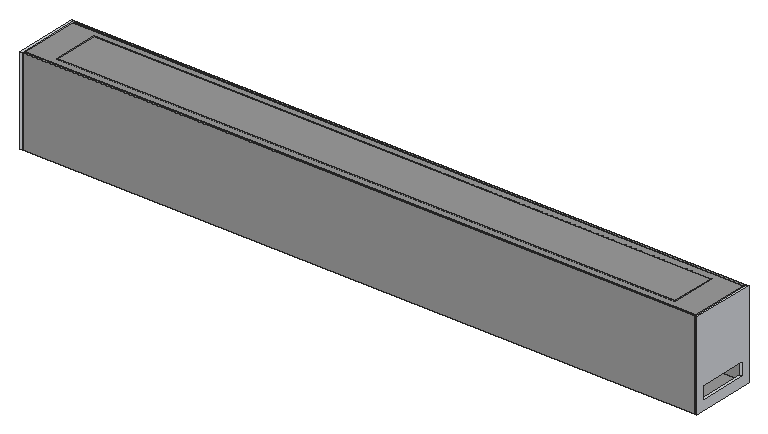
Revit family "FRC_lamp_cassaforma", category Generic Models, Revit 2013
Parameters
  vetro temperato = Glass, Clear Glazing
  spessore = 1.5 mm
  materiale = Stainless Steel AISI 304
  larghezza = 47.5 mm
  Lunghezza = 500.0 mm
Reference planes
  plane 1 "Center (Front/Back)": y = 0
  plane 2: z = 0
  plane 3 "Center (Left/Right)": x = 0
  plane 4: x = 500
  plane 5: y = 47.5
  plane 6: z = 65
  plane 7: z = 25.5
  plane 8: x = 502
  plane 9: y = 46
  plane 10: y = 1.5
  plane 11: y = 23.75
Forms (mm)
  Extrusion 1, solid, material "Stainless Steel AISI 304" <- "materiale"
    sketch origin (0, 0, 0) x (0, 1, 0) y (0, 0, 1)
      loop
        line (47.5, 65) -> (46, 65) -> (46, 25.5) -> (42, 25.5) -> (42, 16.769) -> (43, 16.769) -> (43, 24.5) -> (45, 24.5) -> (45, 2) -> (2.5, 2) -> (2.5, 24.5) -> (4.5, 24.5) -> (4.5, 16.769) -> (5.5, 16.769) -> (5.5, 25.5) -> (1.5, 25.5) -> (1.5, 65) -> (0, 65) -> (0, 0) -> (47.5, 0) -> (47.5, 65)
    from 0 to 500
  Extrusion 2, solid
    sketch origin (0, 0, 0) x (0, 1, 0) y (0, 0, 1)
      loop
        line (47.5, 65) -> (0, 65) -> (0, 0) -> (47.5, 0) -> (47.5, 65)
      loop
        line (42.5, 16.769) -> (5, 16.769) -> (5, 6.769) -> (42.5, 6.769) -> (42.5, 16.769)
    from 500 to 502
  Extrusion 3, solid
    sketch origin (500, 0, 0) x (0, 1, 0) y (0, 0, -1)
      loop
        line (47.5, -65) -> (47.5, 0) -> (0, 0) -> (0, -65) -> (47.5, -65)
      loop
        line (42.5, -16.769) -> (42.5, -6.769) -> (5, -6.769) -> (5, -16.769) -> (42.5, -16.769)
    from 500 to 502
  Extrusion 4, solid, material "Glass, Clear Glazing" <- "vetro temperato"
    sketch origin (0, 0, 1.085) x (0, 1, 0) y (0, 0, 1)
      loop
        line (41, 63.915) -> (6.5, 63.915) -> (6.5, 61.915) -> (41, 61.915) -> (41, 63.915)
    from 20 to 480
Dimensions and locks
  plane 6 to level = 65.0 mm
  plane 5 to plane 1 "Center (Front/Back)" = 47.5 mm
  plane 6 to plane 7 = 39.5 mm
  "Lunghezza": plane 3 "Center (Left/Right)" to plane 4
  "larghezza": plane 5 to plane 1 "Center (Front/Back)"
  "spessore": plane 5 to plane 9
  "spessore": plane 10 to plane 1 "Center (Front/Back)"
  aligned and locked: level to plane 2
  aligned and locked: plane 6 to Extrusion 1 sketch curve
  aligned and locked: Extrusion 1 sketch curve to plane 6
  aligned and locked: plane 4 to Extrusion 1
  aligned and locked: plane 8 to Extrusion 2
  aligned and locked: plane 3 "Center (Left/Right)" to Extrusion 3
  aligned and locked: Extrusion 1 to plane 10
  aligned and locked: plane 9 to Extrusion 1
Automatic sketch dimensions
  Extrusion 1 sketch curve to plane 1 "Center (Front/Back)" = 0.0 mm
  Extrusion 1 sketch curve to plane 7 = 0.0 mm  (x2)
  Extrusion 1 sketch curve to level = 0.0 mm
  Extrusion 1 sketch curve to plane 5 = 0.0 mm
  level to Extrusion 1 sketch curve = 2.0 mm
  Extrusion 1 sketch curve to plane 1 "Center (Front/Back)" = 1.5 mm
  Extrusion 1 sketch curve to Extrusion 1 sketch curve = 1.0 mm  (x4)
  Extrusion 1 sketch curve to plane 7 = 1.0 mm  (x2)
  Extrusion 1 sketch curve to Extrusion 1 sketch curve = 2.0 mm  (x2)
  Extrusion 1 sketch curve to plane 5 = 5.5 mm
  Extrusion 1 sketch curve to Extrusion 1 sketch curve = 7.731 mm
  Extrusion 1 sketch curve to Extrusion 1 sketch curve = 8.731 mm
  Extrusion 2 sketch curve to plane 1 "Center (Front/Back)" = 0.0 mm
  Extrusion 2 sketch curve to plane 5 = 0.0 mm
  Extrusion 2 sketch curve to level = 0.0 mm
  Extrusion 2 sketch curve to plane 6 = 0.0 mm
  Extrusion 2 sketch curve to plane 1 "Center (Front/Back)" = 5.0 mm
  Extrusion 2 sketch curve to plane 5 = 5.0 mm
  level to Extrusion 2 sketch curve = 6.769 mm
  Extrusion 2 sketch curve to plane 7 = 8.731 mm
  Extrusion 3 sketch curve to plane 1 "Center (Front/Back)" = 0.0 mm
  Extrusion 3 sketch curve to plane 5 = 0.0 mm
  Extrusion 3 sketch curve to plane 6 = 0.0 mm
  Extrusion 3 sketch curve to level = 0.0 mm
  Extrusion 3 sketch curve to plane 1 "Center (Front/Back)" = 5.0 mm
  Extrusion 3 sketch curve to plane 5 = 5.0 mm
  Extrusion 3 sketch curve to plane 7 = 8.731 mm
  level to Extrusion 3 sketch curve = 6.769 mm
  Extrusion 4 sketch curve to plane 6 = 0.0 mm
  Extrusion 4 sketch curve to plane 10 = 5.0 mm
  Extrusion 4 sketch curve to plane 6 = 2.0 mm
  plane 9 to Extrusion 4 sketch curve = 5.0 mm
Nested families
  nested 1: "FRC_lamp_profilo" at (0, 46, 25.5), type "FRC_lamp_profilo"
  nested 2: "FRC_lamp_LED" at (20, 11.5, 30.5), type "FRC_lamp_LED"
  nested 3: "FRC_lamp_LED" at (250, 11.5, 30.5), type "FRC_lamp_LED"
Definition of nested family "FRC_lamp_profilo"
  Parameters (values of type "FRC_lamp_profilo")
    larghezza = 44.5 mm
    bordi = 5.0 mm
    Materiale_Alluminio = Aluminum, Anodized Silver
    Lunghezza = 500.0 mm
  Reference planes
    plane 1 "Center (Front/Back)": y = 0
    plane 2: z = 0
    plane 3 "Center (Left/Right)": x = 0
    plane 4: x = 500
    plane 5: y = -44.5
    plane 6: z = 39.5
    plane 7: z = 5
    plane 8: z = 29.5
    plane 9: y = -5
    plane 10: y = -39.5
    plane 11: x = 20
    plane 12: x = 480
    plane 13: z = 10
  Forms (mm)
    Extrusion 1, solid, material "Aluminum, Anodized Silver" <- "Materiale_Alluminio"
      sketch origin (0, 0, 0) x (1, 0, 0) y (0, 1, 0)
        loop
          line (0, 0) -> (0, -44.5) -> (500, -44.5) -> (500, 0) -> (0, 0)
        loop
          line (480, -34.5) -> (480, -10) -> (20, -10) -> (20, -34.5) -> (480, -34.5)
      from 0 to 39.5
    Extrusion 2, void
      sketch origin (0, 0, 0) x (0, 1, 0) y (0, 0, 1)
        loop
          line (-5, 39.5) -> (-39.5, 39.5) -> (-39.5, 29.5) -> (-34.5, 29.5) -> (-34.5, 5) -> (-10, 5) -> (-10, 29.5) -> (-5, 29.5) -> (-5, 39.5)
      from 20 to 480
    Extrusion 3, solid, material "Aluminum, Anodized Silver" <- "Materiale_Alluminio"
      sketch origin (0, 0, 0) x (0, 1, 0) y (0, 0, 1)
        loop
          line (-10, 5) -> (-34.5, 5) -> (-34.5, 0) -> (-10, 0) -> (-10, 5)
      from 0 to 500
  Cuts and joins
    Extrusion 2 cuts Extrusion 1
    Extrusion 2 cuts Extrusion 3
    joined: Extrusion 1, Extrusion 3
  Dimensions and locks
    plane 1 "Center (Front/Back)" to plane 5 = 44.5 mm
    plane 6 to level = 39.5 mm
    "Lunghezza": plane 3 "Center (Left/Right)" to plane 4
    "larghezza": plane 5 to plane 1 "Center (Front/Back)"
    "bordi": plane 9 to plane 1 "Center (Front/Back)"
    "bordi": plane 5 to plane 10
    aligned and locked: level to plane 2
    aligned and locked: plane 3 "Center (Left/Right)" to Extrusion 1 sketch curve
    aligned and locked: Extrusion 1 sketch curve to plane 4
    aligned and locked: plane 6 to Extrusion 1
    aligned and locked: plane 11 to cut or joined group of Extrusion 1, Extrusion 2, Extrusion 3
    aligned and locked: plane 12 to cut or joined group of Extrusion 1, Extrusion 2, Extrusion 3
    aligned and locked: Extrusion 3 sketch curve to cut or joined group of Extrusion 1, Extrusion 2, Extrusion 3  (x2)
  Automatic sketch dimensions
    Extrusion 1 sketch curve to plane 11 = 0.0 mm
    Extrusion 1 sketch curve to plane 12 = 0.0 mm
    plane 5 to Extrusion 1 sketch curve = 0.0 mm
    plane 1 "Center (Front/Back)" to Extrusion 1 sketch curve = 0.0 mm
    Extrusion 1 sketch curve to plane 10 = 5.0 mm
    plane 9 to Extrusion 1 sketch curve = 5.0 mm
    Extrusion 2 sketch curve to plane 8 = 0.0 mm  (x2)
    Extrusion 2 sketch curve to plane 10 = 0.0 mm
    Extrusion 2 sketch curve to plane 7 = 0.0 mm
    Extrusion 2 sketch curve to plane 9 = 0.0 mm
    Extrusion 2 sketch curve to plane 6 = 0.0 mm
    Extrusion 2 sketch curve to plane 10 = 5.0 mm
    Extrusion 2 sketch curve to Extrusion 2 sketch curve = 5.0 mm
    Extrusion 3 sketch curve to level = 0.0 mm
    Extrusion 3 sketch curve to plane 7 = 0.0 mm
Definition of nested family "FRC_lamp_LED"
  Parameters (values of type "FRC_lamp_LED")
    Materiale piastrina = Stainless Steel AISI 304
    Materiale luci = Steel, Paint Finish, Ivory, Matte
    Lunghezza = 230.0 mm
  Reference planes
    plane 1 "Center (Front/Back)": y = 0
    plane 2: z = 0
    plane 3 "Center (Left/Right)": x = 0
    plane 4: x = 230
    plane 5: y = 24.5
    plane 6: z = 5
    plane 7: x = 32.857
    plane 8: x = 65.714
    plane 9: x = 98.571
    plane 10: x = 131.429
    plane 11: x = 164.286
    plane 12: x = 197.143
    plane 13: y = 12.25
    plane 14: z = 10
    plane 15: x = 32.857
    plane 16: x = 65.714
    plane 17: x = 98.571
    plane 18: x = 131.429
    plane 19: x = 164.286
    plane 20: x = 197.143
    plane 21: y = 12.25
    plane 22: z = -5
  Forms (mm)
    Extrusion 1, solid, material "Stainless Steel AISI 304" <- "Materiale piastrina"
      sketch origin (0, 0, 0) x (1, 0, 0) y (0, 1, 0)
        loop
          line (0, 24.5) -> (0, 0) -> (230, 0) -> (230, 24.5) -> (0, 24.5)
      from 0 to 5
    Extrusion 2, solid, material "Steel, Paint Finish, Ivory, Matte" <- "Materiale luci", not visible
      sketch origin (0, 0, 0) x (1, 0, 0) y (0, 1, 0)
        loop
          circle (32.857, 12.25) r 8
        loop
          circle (32.857, 12.25) r 2
      from 5 to 10
    Extrusion 3, solid, material "Steel, Paint Finish, Ivory, Matte" <- "Materiale luci", not visible
      sketch origin (32.857, 0, 0) x (1, 0, 0) y (0, 1, 0)
        loop
          circle (32.857, 12.25) r 8
        loop
          circle (32.857, 12.25) r 2
      from 5 to 10
    Extrusion 4, solid, material "Steel, Paint Finish, Ivory, Matte" <- "Materiale luci", not visible
      sketch origin (65.714, 0, 0) x (1, 0, 0) y (0, 1, 0)
        loop
          circle (32.857, 12.25) r 8
        loop
          circle (32.857, 12.25) r 2
      from 5 to 10
    Extrusion 5, solid, material "Steel, Paint Finish, Ivory, Matte" <- "Materiale luci", not visible
      sketch origin (98.571, 0, 0) x (1, 0, 0) y (0, 1, 0)
        loop
          circle (32.857, 12.25) r 8
        loop
          circle (32.857, 12.25) r 2
      from 5 to 10
    Extrusion 6, solid, material "Steel, Paint Finish, Ivory, Matte" <- "Materiale luci", not visible
      sketch origin (131.429, 0, 0) x (1, 0, 0) y (0, 1, 0)
        loop
          circle (32.857, 12.25) r 8
        loop
          circle (32.857, 12.25) r 2
      from 5 to 10
    Extrusion 7, solid, material "Steel, Paint Finish, Ivory, Matte" <- "Materiale luci", not visible
      sketch origin (164.286, 0, 0) x (1, 0, 0) y (0, 1, 0)
        loop
          circle (32.857, 12.25) r 8
        loop
          circle (32.857, 12.25) r 2
      from 5 to 10
    Extrusion 8, solid, material "Steel, Paint Finish, Ivory, Matte" <- "Materiale luci"
      sketch origin (0, 0, 0) x (1, 0, 0) y (0, 1, 0)
        loop
          circle (32.857, 12.25) r 8
        loop
          circle (32.857, 12.25) r 2
      from 5 to 10
    Extrusion 9, solid, material "Steel, Paint Finish, Ivory, Matte" <- "Materiale luci"
      sketch origin (32.857, 0, 0) x (1, 0, 0) y (0, 1, 0)
        loop
          circle (32.857, 12.25) r 8
        loop
          circle (32.857, 12.25) r 2
      from 5 to 10
    Extrusion 10, solid, material "Steel, Paint Finish, Ivory, Matte" <- "Materiale luci"
      sketch origin (65.714, 0, 0) x (1, 0, 0) y (0, 1, 0)
        loop
          circle (32.857, 12.25) r 8
        loop
          circle (32.857, 12.25) r 2
      from 5 to 10
    Extrusion 11, solid, material "Steel, Paint Finish, Ivory, Matte" <- "Materiale luci"
      sketch origin (98.571, 0, 0) x (1, 0, 0) y (0, 1, 0)
        loop
          circle (32.857, 12.25) r 8
        loop
          circle (32.857, 12.25) r 2
      from 5 to 10
    Extrusion 12, solid, material "Steel, Paint Finish, Ivory, Matte" <- "Materiale luci"
      sketch origin (131.429, 0, 0) x (1, 0, 0) y (0, 1, 0)
        loop
          circle (32.857, 12.25) r 8
        loop
          circle (32.857, 12.25) r 2
      from 5 to 10
    Extrusion 13, solid, material "Steel, Paint Finish, Ivory, Matte" <- "Materiale luci"
      sketch origin (164.286, 0, 0) x (1, 0, 0) y (0, 1, 0)
        loop
          circle (32.857, 12.25) r 8
        loop
          circle (32.857, 12.25) r 2
      from 5 to 10
  Dimensions and locks
    equal spacing: plane 3 "Center (Left/Right)", plane 7, plane 8, plane 9, plane 10, plane 11, plane 12, plane 4, locked at 32.857 each
    equal spacing: plane 1 "Center (Front/Back)", plane 13, plane 5, locked at 12.25 each
    "Lunghezza": plane 3 "Center (Left/Right)" to plane 4
    equal spacing: group 1, group 2, group 3, group 4, group 5, group 6  (x3)
    aligned and locked: level to plane 2
    aligned and locked: plane 3 "Center (Left/Right)" to Extrusion 1 sketch curve
    aligned and locked: Extrusion 1 sketch curve to plane 4
    aligned and locked: plane 6 to Extrusion 1
  Automatic sketch dimensions
    plane 1 "Center (Front/Back)" to Extrusion 1 sketch curve = 0.0 mm
    Extrusion 1 sketch curve to plane 5 = 0.0 mm
    Extrusion 2 sketch curve to Extrusion 2 sketch curve = 0.0 mm  (x4)
    Extrusion 3 sketch curve to Extrusion 3 sketch curve = 0.0 mm  (x4)
    Extrusion 4 sketch curve to Extrusion 4 sketch curve = 0.0 mm  (x4)
    Extrusion 5 sketch curve to Extrusion 5 sketch curve = 0.0 mm  (x4)
    Extrusion 6 sketch curve to Extrusion 6 sketch curve = 0.0 mm  (x4)
    Extrusion 7 sketch curve to Extrusion 7 sketch curve = 0.0 mm  (x4)
    Extrusion 8 sketch curve to Extrusion 8 sketch curve = 0.0 mm  (x4)
    Extrusion 9 sketch curve to Extrusion 9 sketch curve = 0.0 mm  (x4)
    Extrusion 10 sketch curve to Extrusion 10 sketch curve = 0.0 mm  (x4)
    Extrusion 11 sketch curve to Extrusion 11 sketch curve = 0.0 mm  (x4)
    Extrusion 12 sketch curve to Extrusion 12 sketch curve = 0.0 mm  (x4)
    Extrusion 13 sketch curve to Extrusion 13 sketch curve = 0.0 mm  (x4)
    radius of Extrusion 2 sketch curve = 8.0 mm
    radius of Extrusion 2 sketch curve = 2.0 mm
    radius of Extrusion 3 sketch curve = 8.0 mm
    radius of Extrusion 3 sketch curve = 2.0 mm
    radius of Extrusion 4 sketch curve = 8.0 mm
    radius of Extrusion 4 sketch curve = 2.0 mm
    radius of Extrusion 5 sketch curve = 8.0 mm
    radius of Extrusion 5 sketch curve = 2.0 mm
    radius of Extrusion 6 sketch curve = 8.0 mm
    radius of Extrusion 6 sketch curve = 2.0 mm
    radius of Extrusion 7 sketch curve = 8.0 mm
    radius of Extrusion 7 sketch curve = 2.0 mm
    radius of Extrusion 8 sketch curve = 8.0 mm
    radius of Extrusion 8 sketch curve = 2.0 mm
    radius of Extrusion 9 sketch curve = 8.0 mm
    radius of Extrusion 9 sketch curve = 2.0 mm
    radius of Extrusion 10 sketch curve = 8.0 mm
    radius of Extrusion 10 sketch curve = 2.0 mm
    radius of Extrusion 11 sketch curve = 8.0 mm
    radius of Extrusion 11 sketch curve = 2.0 mm
    radius of Extrusion 12 sketch curve = 8.0 mm
    radius of Extrusion 12 sketch curve = 2.0 mm
    radius of Extrusion 13 sketch curve = 8.0 mm
    radius of Extrusion 13 sketch curve = 2.0 mm
  Nested families
    nested 1: "FRC_lamp_sorgenteLuminosa" at (32.857, 12.25, -1184.84), type "3000 K"
    nested 2: "FRC_lamp_sorgenteLuminosa" at (65.714, 12.25, -1184.84), type "3000 K"
    nested 3: "FRC_lamp_sorgenteLuminosa" at (98.571, 12.25, -1184.84), type "3000 K"
    nested 4: "FRC_lamp_sorgenteLuminosa" at (131.429, 12.25, -1184.84), type "3000 K"
    nested 5: "FRC_lamp_sorgenteLuminosa" at (164.286, 12.25, -1184.84), type "3000 K"
    nested 6: "FRC_lamp_sorgenteLuminosa" at (197.143, 12.25, -1184.84), type "3000 K"
  Definition of nested family "FRC_lamp_sorgenteLuminosa"
    Parameters (values of type "3000 K")
      potenza = 1 W
      Wattage = 5.97811 W
      built-in parameter 1150110 = 1 (stored number, unit not read)
      built-in parameter 1114217 = 1 (stored number, unit not read)
      built-in parameter 1150109 = 1 (stored number, unit not read)
      built-in parameter 1150134 = (empty or 0)
      built-in parameter 1150113 = 1 (stored number, unit not read)
      Lumens = 888 lm
      built-in parameter 1150115 = 1 (stored number, unit not read)
      built-in parameter 1150105 = 282.66 (stored number, unit not read)
      Light Source Symbol Size = 609.6 mm
      built-in parameter 1150137 = (empty or 0)
      built-in parameter 1150139 = (empty or 0)
      built-in parameter 1150112 = 1 (stored number, unit not read)
      built-in parameter 1150114 = 1 (stored number, unit not read)
      built-in parameter 1150132 = 2
      built-in parameter 1150102 = (empty or 0)
      built-in parameter 1150138 = (empty or 0)
      built-in parameter 1150107 = 3000 (stored number, unit not read)
      built-in parameter 1150106 = 2.8266 (stored number, unit not read)
      built-in parameter 1150104 = 13.8 (stored number, unit not read)
      Dimming Lamp Color Temperature Shift = (empty or 0)
      Color Filter = 16777215
      built-in parameter 1114218 = 1 (stored number, unit not read)
      built-in parameter 1150133 = 10 (stored number, unit not read)
      Angolo = 10.00°
    Types (2, lengths in mm): name | Wattage | built-in parameter 1150134 | Lumens | built-in parameter 1150105 | built-in parameter 1150107 | built-in parameter 1150106
      3000 K | 5.97811 W | (empty or 0) | 888 lm | 282.66 (stored number, unit not read) | 3000 (stored number, unit not read) | 2.8266 (stored number, unit not read)
      4000 K | 6.46282 W | 12 | 960 lm | 305.58 (stored number, unit not read) | 4000 (stored number, unit not read) | 3.0558 (stored number, unit not read)
    Reference planes
      plane 1 "Light Source Axis (F/B)": y = 0
      plane 2: z = 0
      plane 3 "Light Source Axis (L/R)": x = 0
      plane 4 "Light Source Elevation": z = 1195.2
    Dimensions and locks
      aligned and locked: plane 3 "Light Source Axis (L/R)" to imposter light
      aligned and locked: plane 1 "Light Source Axis (F/B)" to imposter light
      aligned and locked: plane 4 "Light Source Elevation" to imposter light
      aligned and locked: level to plane 2
